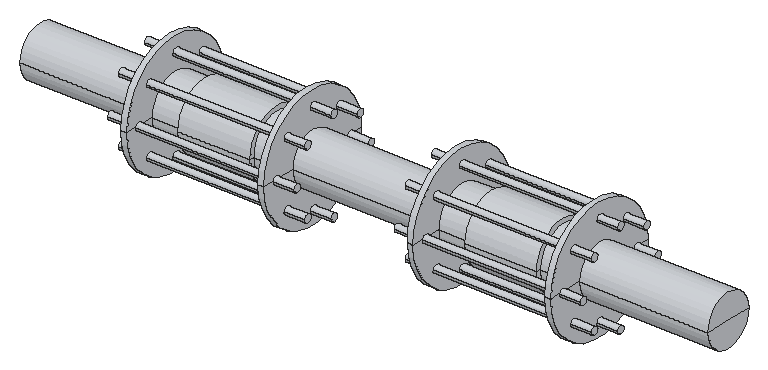
Revit family "3ba2dab39f3b4d6490fde2528abfe899", category Pipe Fittings, Revit 2021
Family settings
  Round Connector Dimension = Use Radius
  Part Type = Union
  OmniClass Number = 23.60.30.11.14.14
  OmniClass Title = Pipe Expansion Compensators
  Work Plane-Based = No
  Always vertical = Yes
  Cut with Voids When Loaded = No
  Shared = No
Parameters (values of type "Standard")
  Wall Thickness [instance] = 0.3000"
  Tick Size [instance] = Fitting Outside Diameter * 0.4  # 1.4000"
  Slip Pipe Withdrawal [instance] = (Project Max Operating Temperature - Project Installation Temperature) / (Project Max Operating Temperature - Project Min Operating Temperature) * Axial Movement  # 1.74366"
  Project Temperature Change [instance] = 150 °F
  Project Pipe Length [instance] = 600.0000"
  Packing Ring Thickness [instance] = size_lookup(Lookup Table Name Ring, "FThk", 0.02 * Nominal Diameter + 0.3500", Nominal Diameter)  # 0.4100"
  Packing Ring Radius [instance] = Packing Ring Diameter / 2  # 4.2400"
  Packing Ring Diameter [instance] = size_lookup(Lookup Table Name Ring, "FDia", 1.13 * Nominal Diameter + 5.0900", Nominal Diameter)  # 8.4800"
  Packing Chamber Length Label [instance] = if(Packing Chamber Length > Body Length Label - (2 * Body Ring Thickness) - 0.5000", Body Length Label - 2 * Body Ring Thickness - 0.5000", Packing Chamber Length)  # 5.0000"
  Packing Chamber Length = 5.0000"
  Nominal Radius [instance] = 1.5000"
  Nominal Diameter [instance] = Nominal Radius * 2  # 3.0000"
  Project Min Operating Temperature [instance] = -30 °F
  Project Max Operating Temperature [instance] = 120 °F
  Loss Method = Not Defined
  Lookup Table Name Ring = "Flange - Ring - Steel - Class 86"
  Lookup Table Name = "Expansion Joint Slip-Type Double End without Limit Rods - BV - Steel"
  Length 4 [instance] = Body Length Label / 2 - 1.5000"  # 3.5000"
  Length 3 [instance] = cos(45.00°) * Length 1  # 2.29103"
  Length 2 [instance] = 3.0000"
  Length 1 [instance] = Body Ring Radius - 1.0000"  # 3.2400"
  Length [instance] = if(Open, Open Length, Open Length - Slip Pipe Withdrawal)  # 48.0000"
  Project Installation Temperature [instance] = 10 °F
  Fitting Outside Radius [instance] = Fitting Outside Diameter / 2  # 1.7500"
  Fitting Outside Diameter [instance] = size_lookup(Lookup Table Name, "FOD", Nominal Diameter, Nominal Diameter)  # 3.5000"
  Open [instance] = yes
  Open Length [instance] = 48.0000"
  Default Elevation = 0.0000"
  Closed [instance] = not(Open)  # no
  Body Length Label [instance] = if(Length < (3 * Length 5 + 6.5000"), (Length - 6.5000") / 3, Length 5)  # 10.0000"
  Body Ring Thickness [instance] = size_lookup(Lookup Table Name Ring, "FThk", 0.02 * Nominal Diameter + 0.3500", Nominal Diameter)  # 0.4100"
  Body Ring Radius [instance] = Body Ring Diameter / 2  # 4.2400"
  Body Ring Diameter [instance] = size_lookup(Lookup Table Name Ring, "FDia", 1.13 * Nominal Diameter + 5.0900", Nominal Diameter)  # 8.4800"
  Length 5 [instance] = 10.0000"
  Axial Movement [instance] = 0.0000117 1/K * Project Pipe Length * (Project Temperature Change - -459.67 °F)  # 2.37771"
Reference planes (in)
  plane 1 "Center (Front/Back)": y = 0
  plane 2: z = 0
  plane 3 "Center 1": x = 5.79484
  plane 4: x = -8.20516
  plane 5: x = 39.79484
  plane 6: x = 0.79484
  plane 7: x = 10.79484
  plane 8: y = 3.24
  plane 9: y = -3.24
  plane 10: y = 1.75
  plane 11: y = 2.05
  plane 12: y = 2.35
  plane 13: x = 10.38484
  plane 14: x = 1.20484
  plane 15: x = 3.29484
  plane 16: x = 8.29484
  plane 17 "body flange": y = 4.24
  plane 18: z = 3.24
  plane 19: z = -3.24
  plane 20: x = -0.70516
  plane 21: x = 12.29484
  plane 22: z = 2.29103
  plane 23: z = -2.29103
  plane 24: y = -2.29103
  plane 25: y = 2.29103
  plane 26: x = 8.88484
  plane 27 "packing ring": y = 4.24
  plane 28 "limit ring": y = 4.24
  plane 29 "flange": y = 5
  plane 30 "Center (Left/Right)": x = 15.79484
  plane 31: x = 19.29484
  plane 32: x = 20.79484
  plane 33: x = 21.20484
  plane 34: x = 22.70484
  plane 35: x = 23.29484
  plane 36: x = 25.79484
  plane 37: x = 28.29484
  plane 38: x = 30.38484
  plane 39: x = 30.79484
  plane 40: x = 32.29484
Forms (in)
  Revolve 1, solid, detail levels fine
    sketch origin (0, 0, 0) x (1, 0, 0) y (0, 1, 0)
      loop
        line (-8.20516, 0) -> (39.79484, 0) -> (39.79484, 1.75) -> (30.79484, 1.75) -> (30.79484, 4.24) -> (30.38484, 4.24) -> (30.38484, 2.05) -> (28.29484, 2.05) -> (28.29484, 2.35) -> (23.29484, 2.35) -> (23.29484, 2.05) -> (21.20484, 2.05) -> (21.20484, 4.24) -> (20.79484, 4.24) -> (20.79484, 1.75) -> (10.79484, 1.75) -> (10.79484, 4.24) -> (10.38484, 4.24) -> (10.38484, 2.05) -> (8.29484, 2.05) -> (8.29484, 2.35) -> (3.29484, 2.35) -> (3.29484, 2.05) -> (1.20484, 2.05) -> (1.20484, 4.24) -> (0.79484, 4.24) -> (0.79484, 1.75) -> (-8.20516, 1.75) -> (-8.20516, 0)
      axis (-8.20516, 0) -> (39.79484, 0)
    angle from 0 to 360
  Extrusion 2, solid, detail levels fine
    sketch origin (5.79484, 0, 0) x (0, 1, 0) y (0, 0, 1)
      loop
        circle (-2.29103, 2.29103) r 0.25
      loop
        circle (-2.29103, -2.29103) r 0.25
      loop
        circle (2.29103, 2.29103) r 0.25
      loop
        circle (2.29103, -2.29103) r 0.25
      loop
        circle (0, -3.24) r 0.25
      loop
        circle (3.24, 0) r 0.25
      loop
        circle (-3.24, 0) r 0.25
      loop
        circle (0, 3.24) r 0.25
    from -6.5 to 6.5
  Extrusion 3, solid, detail levels fine
    sketch origin (15.79484, 0, 0) x (0, 1, 0) y (0, 0, 1)
      loop
        circle (-2.29103, 2.29103) r 0.25
      loop
        circle (-2.29103, -2.29103) r 0.25
      loop
        circle (2.29103, 2.29103) r 0.25
      loop
        circle (2.29103, -2.29103) r 0.25
      loop
        circle (0, -3.24) r 0.25
      loop
        circle (3.24, 0) r 0.25
      loop
        circle (-3.24, 0) r 0.25
      loop
        circle (0, 3.24) r 0.25
    from 3.5 to 16.5
Cuts and joins
  joined: Revolve 1, Extrusion 2, Extrusion 3
Lines and regions (in)
  model lines, detail levels coarse+medium
    curve 1: line (-8.20516, 1.4, 0) -> (-8.20516, -1.4, 0)
    curve 2: line (39.79484, 1.4, 0) -> (39.79484, -1.4, 0)
    curve 4: line (36.79484, 0, 0) -> (39.79484, 0, 0)
    curve 5: line (-8.20516, 1.4, 0) -> (39.79484, 1.4, 0)
    curve 6: line (39.79484, -1.4, 0) -> (-8.20516, -1.4, 0)
  model lines, style "PipeFitting", detail levels coarse+medium
    curve 3: line (-8.20516, 0, 0) -> (-5.20516, 0, 0)
Dimensions and locks (in)
  "Length": plane 4 to plane 5
  equal spacing: plane 6, plane 3 "Center 1", plane 7
  "Body Length Label": plane 6 to plane 7
  "Length 1": plane 9 to plane 1 "Center (Front/Back)"
  "Length 1": plane 8 to plane 1 "Center (Front/Back)"
  "Wall Thickness": plane 11 to plane 10
  "Wall Thickness": plane 12 to plane 11
  "Body Ring Thickness": plane 6 to plane 14
  "Packing Ring Thickness": plane 13 to plane 7
  equal spacing: plane 15, plane 3 "Center 1", plane 16
  "Packing Chamber Length Label": plane 15 to plane 16
  "Length 1": plane 2 to plane 19
  "Length 1": plane 18 to plane 2
  "Body Ring Radius": plane 17 "body flange" to plane 1 "Center (Front/Back)"
  locked: plane 20 to plane 6 at 1.5
  locked: plane 7 to plane 21 at 1.5
  "Length 3": plane 22 to plane 2
  "Length 3": plane 23 to plane 2
  "Length 3": plane 1 "Center (Front/Back)" to plane 25
  "Length 3": plane 24 to plane 1 "Center (Front/Back)"
  locked: plane 26 to plane 13 at 1.5
  "Packing Ring Radius": plane 27 "packing ring" to plane 1 "Center (Front/Back)"
  plane 29 "flange" to plane 1 "Center (Front/Back)" = 5.0000"
  equal spacing: plane 4, plane 30 "Center (Left/Right)", plane 5
  locked: plane 31 to plane 32 at 1.5
  "Packing Ring Thickness": plane 32 to plane 33
  locked: plane 33 to plane 34 at 1.5
  "Body Ring Thickness": plane 38 to plane 39
  locked: plane 39 to plane 40 at 1.5
  "Body Length Label": plane 32 to plane 39
  equal spacing: plane 32, plane 36, plane 39
  equal spacing: plane 35, plane 36, plane 37
  "Packing Chamber Length Label": plane 35 to plane 37
  "Length 2": plane 4 to curve 3
  "Length 2": curve 4 to plane 5
  "Tick Size": plane 1 "Center (Front/Back)" to curve 6
  "Tick Size": plane 1 "Center (Front/Back)" to curve 5
  "Fitting Outside Radius": plane 10 to plane 1 "Center (Front/Back)"
  "Length 4": plane 30 "Center (Left/Right)" to plane 31
  "Length 4": plane 21 to plane 30 "Center (Left/Right)"
  radius of Extrusion 2 sketch curve = 0.2500"
  radius of Extrusion 3 sketch curve = 0.2500"
  aligned and locked: plane 2 to level
  aligned and locked: plane 1 "Center (Front/Back)" to Revolve 1 sketch curve
  aligned and locked: plane 4 to Revolve 1 sketch curve
  aligned and locked: plane 6 to Revolve 1 sketch curve
  aligned and locked: Revolve 1 sketch curve to plane 17 "body flange"
  aligned and locked: Revolve 1 sketch curve to plane 14
  aligned and locked: Revolve 1 sketch curve to plane 11  (x2)
  aligned and locked: plane 15 to Revolve 1 sketch curve
  aligned and locked: Revolve 1 sketch curve to plane 12
  aligned and locked: plane 16 to Revolve 1 sketch curve
  aligned and locked: Revolve 1 sketch curve to plane 13
  aligned and locked: plane 7 to Revolve 1 sketch curve
  aligned and locked: plane 5 to Revolve 1 sketch curve
  aligned and locked: Revolve 1 sketch curve to Revolve 1 sketch curve  (x2)
  aligned and locked: plane 1 "Center (Front/Back)" to curve 3
  aligned and locked: plane 24 to Extrusion 2 sketch curve  (x2)
  aligned and locked: plane 22 to Extrusion 2 sketch curve  (x2)
  aligned and locked: plane 23 to Extrusion 2 sketch curve  (x2)
  aligned and locked: plane 25 to Extrusion 2 sketch curve  (x2)
  aligned and locked: Revolve 1 sketch curve to plane 10
  aligned and locked: Revolve 1 sketch curve to plane 27 "packing ring"
  aligned and locked: plane 4 to curve 5
  aligned and locked: plane 5 to curve 5
  aligned and locked: Extrusion 2 to plane 21
  aligned and locked: plane 40 to Extrusion 3
  aligned and locked: Extrusion 3 to plane 31
  aligned and locked: Extrusion 2 to plane 20
Automatic sketch dimensions
  Extrusion 2 sketch curve to level = 0.0000"  (x2)
  Extrusion 2 sketch curve to plane 9 = 0.0000"
  Extrusion 2 sketch curve to plane 1 "Center (Front/Back)" = 0.0000"  (x2)
  Extrusion 2 sketch curve to plane 8 = 0.0000"
  Extrusion 2 sketch curve to plane 19 = 0.0000"
  Extrusion 2 sketch curve to plane 18 = 0.0000"
  Extrusion 3 sketch curve to level = 0.0000"  (x2)
  Extrusion 3 sketch curve to plane 9 = 0.0000"
  plane 23 to Extrusion 3 sketch curve = 0.0000"  (x2)
  Extrusion 3 sketch curve to plane 24 = 0.0000"  (x2)
  Extrusion 3 sketch curve to plane 22 = 0.0000"  (x2)
  Extrusion 3 sketch curve to plane 1 "Center (Front/Back)" = 0.0000"  (x2)
  Extrusion 3 sketch curve to plane 25 = 0.0000"  (x2)
  Extrusion 3 sketch curve to plane 8 = 0.0000"
  Extrusion 3 sketch curve to plane 19 = 0.0000"
  Extrusion 3 sketch curve to plane 18 = 0.0000"
  Revolve 1 sketch curve to plane 17 "body flange" = 0.0000"  (x2)
  Revolve 1 sketch curve to plane 32 = 0.0000"
  Revolve 1 sketch curve to plane 33 = 0.0000"
  Revolve 1 sketch curve to plane 12 = 0.0000"
  Revolve 1 sketch curve to plane 35 = 0.0000"
  Revolve 1 sketch curve to plane 11 = 0.0000"  (x2)
  Revolve 1 sketch curve to plane 37 = 0.0000"
  Revolve 1 sketch curve to plane 38 = 0.0000"
  Revolve 1 sketch curve to plane 39 = 0.0000"
  Revolve 1 sketch curve to plane 4 = 7.7500"
  Revolve 1 sketch curve to plane 5 = 24.0000"
  plane 1 "Center (Front/Back)" to curve 4 = 0.0000"
  Revolve 1 sketch curve to plane 10 = 0.0000"
  radius of Extrusion 2 sketch curve = 0.2500"  (x7)
  radius of Extrusion 3 sketch curve = 0.2500"  (x7)
Connectors (in)
  piping at (-8.20516, 0, 0), diameter 3, driven by "Nominal Radius"
    settings: on Revolve 1, index 1, connector inside diameter 3.0000", connector length 0.0000", flow factor 0, pipe flow 0 GPM, pressure drop 0.00 psi, fitting loss kfactor 0, connector angle 0.00°, fixture units 0, engagement length 0.0000", angle of deflection 0.00°, flow configuration 0, flow direction 0, fitting loss method 0, system type 28, joint type 0, gender type 0, connector reference index 2, connector utility 0, adjustable connector no, is connector primary yes, connector description ""
  piping at (39.79484, 0, 0), diameter 3, driven by "Nominal Radius"
    settings: on Revolve 1, index 2, connector inside diameter 3.0000", connector length 0.0000", flow factor 0, pipe flow 0 GPM, pressure drop 0.00 psi, fitting loss kfactor 0, connector angle 0.00°, fixture units 0, engagement length 0.0000", angle of deflection 0.00°, flow configuration 0, flow direction 0, fitting loss method 0, system type 28, joint type 0, gender type 0, connector reference index 1, connector utility 0, adjustable connector no, is connector primary no, connector description ""
